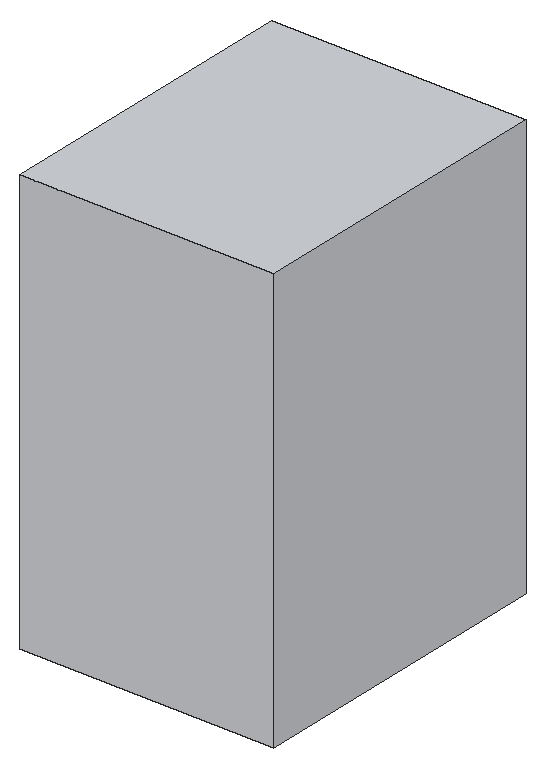
Revit family
Parameters
  d1 = 0' - 1 1/2"
  Warranty Duration (Years) = 0
  Unit Width [instance] = 0' - 0"
  Unit Height [instance] = 0' - 0"
  Unit Depth = 0' - 0"
  URL = "http://www.americanspecialties.com/viewCategories.cfm"
  Trim Material = Metal - Stainless Steel
  Test Data = ""
  Specification = "http://www.arcat.com/sdspecs/htm/10810asi.htm"
  SpecWizard = ""
  Send Message = "http://www.arcat.com/users.pl?action=UserEmail&company=American%20Specialties,%20Inc.&coid=30448&rep=139&fax=914-476-0688&mf="
  Sales Information = "http://www.americanspecialties.com/contact"
  Revision = "R1_10-2010"
  Product Properties = "http://www.americanspecialties.com/datasheets/0034.pdf"
  Product Data = "http://www.arcat.com/arcatcos/cos30/arc30448.html"
  PAPER ROLL [instance] = Paper
  Model = "As Specified in 10 28 13"
  Manufacturer Website = "http://www.americanspecialties.com/viewCategories.cfm"
  Manufacturer Phone - Toll Free = ""
  Manufacturer Phone = "914-476-9000 "
  Manufacturer Fax = "914-476-0688"
  Manufacturer Address = "441 Saw Mill River Rd., Yonkers, NY 10701"
  Manufacturer = "American Specialties, Inc."
  Maintenance Schedule (Months) = 0
  Keynote = "10 28 13"
  Installation-Fabrication = "http://www.americanspecialties.com/products.cfm"
  Green Building-LEED = ""
  Expected Lifespan (Years) = 0
  Drawn By = "Robert S. Weygant. CSI, CDT, SCIP"  # constant formula
  Description = "Toilet Accessory as Specified in 10 28 13"
  Default Elevation = 4' - 0"
  Copyright = "©Arcat Inc."
  Construction Details = "http://www.arcat.com/green/clients/leed_data_30448.html"
  Building Codes = "http://www.americanspecialties.com/products.cfm"
  Body Material = Metal - Stainless Steel
  Assembly Code = "C1030210"
Reference planes (in)
  plane 1 "Center (Front/Back)": y = -0.29112
  plane 2 "Floor Line": z = 0
  plane 3 "Center (Left/Right)": x = -0.65843
Forms (in)
  Extrusion 1, solid
    sketch origin (-3, -9, -6) x (0, 0, -1) y (1, 0, 0)
      loop
        line (-82, 26) -> (-82, -19.34712) -> (-6, -19.34712) -> (-6, 26) -> (-82, 26)
    from 15.29112 to -41.06337
  Extrusion 2, solid, material "Metal - Stainless Steel" <- "Body Material"
    sketch origin (0, -0.29112, 0) x (1, 0, 0) y (0, 0, 1)
      loop
        line (-7.03343, 0.375) -> (-1.09593, 0.375) -> (-1.09593, 2.25)
        arc (-1.09593, 2.25) -> (-1.24238, 2.60355) -> (-1.59593, 2.75) r 0.5
        line (-1.59593, 2.75) -> (-6.53343, 2.75)
        arc (-6.53343, 2.75) -> (-6.88699, 2.60355) -> (-7.03343, 2.25) r 0.5
        line (-7.03343, 2.25) -> (-7.03343, 0.375)
    from -5.96875 to 0
  Extrusion 3, void
    sketch origin (0, -0.29112, 0) x (1, 0, 0) y (0, 0, 1)
      loop
        line (-7.00218, 0.375) -> (-1.12718, 0.375) -> (-1.12718, 2.25)
        arc (-1.12718, 2.25) -> (-1.26448, 2.58146) -> (-1.59593, 2.71875) r 0.46875
        line (-1.59593, 2.71875) -> (-6.53343, 2.71875)
        arc (-6.53343, 2.71875) -> (-6.86489, 2.58146) -> (-7.00218, 2.25) r 0.46875
        line (-7.00218, 2.25) -> (-7.00218, 0.375)
    from 0 to -5.92389
  Extrusion 4, solid, material "Metal - Stainless Steel" <- "Trim Material"
    sketch origin (0, 0, 0) x (1, 0, 0) y (0, 1, 0)
      loop
        circle (-4.06468, 4.52605) r 0.5
      loop
        line (-4.10676, 4.98569) -> (-4.10676, 4.0813) -> (-4.02766, 4.0813) -> (-4.02766, 4.98569) -> (-4.10676, 4.98569)
    from 2.75 to 2.8125
  Extrusion 5, solid, material "Metal - Stainless Steel" <- "Body Material"
    sketch origin (-0.0625, -0.29112, 0) x (1, 0, 0) y (0, 0, 1)
      loop
        line (-7.03343, 0.375) -> (-6.89096, 0.375)
        arc (-6.89096, 0.375) -> (-6.96532, 0.40324) -> (-7.00218, 0.47372) r 0.11201
        line (-7.00218, 0.47372) -> (-7.00218, 1.375) -> (-7.03343, 1.375) -> (-7.03343, 0.375)
      loop
        line (-1.09593, 0.375) -> (-1.09593, 1.375) -> (-1.12718, 1.375) -> (-1.12718, 0.47372)
        arc (-1.12718, 0.47372) -> (-1.16405, 0.40324) -> (-1.2384, 0.375) r 0.11201
        line (-1.2384, 0.375) -> (-1.09593, 0.375)
    from -5.92389 to 5.96875
  Extrusion 6, solid, material "Paper" <- "PAPER ROLL"
    sketch origin (-0.65843, 0, 0) x (0, 1, 0) y (0, 0, 1)
      loop
        circle (-3.33228, -0.25) r 2.75
      loop
        circle (2.75005, -0.25) r 2.75
    from -0.59559 to -6.21691
  Extrusion 7, solid, material "Metal - Stainless Steel" <- "Body Material"
    sketch origin (-6.8125, 0, -3.625) x (1, 0, 0) y (0, 1, 0)
      loop
        line (-0.15843, 5.67763) -> (-0.15843, -6.25987) -> (5.65407, -6.25987) -> (5.65407, 5.67763) -> (-0.15843, 5.67763)
      loop
        line (-0.09593, 5.61513) -> (-0.09593, -6.19737) -> (5.59157, -6.19737) -> (5.59157, 5.61513) -> (-0.09593, 5.61513)
    from 0 to 5
  Extrusion 8, solid, material "Metal - Stainless Steel" <- "Body Material"
    sketch origin (0, 0, -1.25) x (1, 0, 0) y (0, 1, 0)
      loop
        line (-7.97093, 6.67763) -> (-7.97093, -7.25987) -> (6.65407, -7.25987) -> (6.65407, 6.67763) -> (-7.97093, 6.67763)
      loop
        line (-6.97093, 5.67763) -> (-6.97093, -6.25987) -> (-1.15843, -6.25987) -> (-1.15843, 5.67763) -> (-6.97093, 5.67763)
      loop
        line (5.65407, -6.25987) -> (5.65407, 5.67763) -> (-0.15843, 5.67763) -> (-0.15843, -6.25987) -> (5.65407, -6.25987)
    from -0.5 to -0.25
  Extrusion 9, solid, material "Metal - Stainless Steel" <- "Body Material"
    sketch origin (-6.8125, 0, -3.625) x (0, 1, 0) y (1, 0, 0)
      loop
        line (5.67763, -0.15843) -> (5.67763, 5.65407) -> (-6.25987, 5.65407) -> (-6.25987, -0.15843) -> (5.67763, -0.15843)
    from 0 to 0.0625
  Extrusion 10, solid, material "Metal - Stainless Steel" <- "Body Material"
    sketch origin (-1.31687, -0.29112, -1) x (-1, 0, 0) y (0, 0, -1)
      loop
        line (-7.03343, 0.375) -> (-1.09593, 0.375) -> (-1.09593, 2.25)
        arc (-1.09593, 2.25) -> (-1.24238, 2.60355) -> (-1.59593, 2.75) r 0.5
        line (-1.59593, 2.75) -> (-6.53343, 2.75)
        arc (-6.53343, 2.75) -> (-6.88699, 2.60355) -> (-7.03343, 2.25) r 0.5
        line (-7.03343, 2.25) -> (-7.03343, 0.375)
    from -5.96875 to 0
  Extrusion 11, solid, material "Paper" <- "PAPER ROLL"
    sketch origin (-0.65843, 0, -1) x (0, 1, 0) y (0, 0, -1)
      loop
        circle (-3.33228, -0.25) r 2.75
      loop
        circle (2.75005, -0.25) r 2.75
    from -0.59559 to -6.21691
  Extrusion 12, solid, material "Metal - Stainless Steel" <- "Body Material"
    sketch origin (5.49563, 0, 2.625) x (1, 0, 0) y (0, 1, 0)
      loop
        line (0.15843, 5.67763) -> (-5.65407, 5.67763) -> (-5.65407, -6.25987) -> (0.15843, -6.25987) -> (0.15843, 5.67763)
    from 0 to 0.0625
  Extrusion 13, solid, material "Metal - Stainless Steel" <- "Body Material"
    sketch origin (5.49563, 0, -2.3125) x (0, 1, 0) y (-1, 0, 0)
      loop
        line (5.67763, -0.15843) -> (5.67763, 5.65407) -> (-6.25987, 5.65407) -> (-6.25987, -0.15843) -> (5.67763, -0.15843)
      loop
        line (5.61513, -0.09593) -> (5.61513, 5.59157) -> (-6.19737, 5.59157) -> (-6.19737, -0.09593) -> (5.61513, -0.09593)
    from 0 to 5
  Extrusion 14, solid, material "Metal - Stainless Steel" <- "Trim Material"
    sketch origin (-1.31687, 0, -6.5625) x (-1, 0, 0) y (0, -1, 0)
      loop
        circle (-4.06468, -4.52605) r 0.5
      loop
        line (-4.10676, -4.98569) -> (-4.02766, -4.98569) -> (-4.02766, -4.0813) -> (-4.10676, -4.0813) -> (-4.10676, -4.98569)
    from 2.75 to 2.8125
  Extrusion 15, void
    sketch origin (-1.31687, -0.29112, -1) x (-1, 0, 0) y (0, 0, -1)
      loop
        line (-7.00218, 0.375) -> (-1.12718, 0.375) -> (-1.12718, 2.25)
        arc (-1.12718, 2.25) -> (-1.26448, 2.58146) -> (-1.59593, 2.71875) r 0.46875
        line (-1.59593, 2.71875) -> (-6.53343, 2.71875)
        arc (-6.53343, 2.71875) -> (-6.86489, 2.58146) -> (-7.00218, 2.25) r 0.46875
        line (-7.00218, 2.25) -> (-7.00218, 0.375)
    from 0 to -5.92389
  Extrusion 16, solid, material "Metal - Stainless Steel" <- "Body Material"
    sketch origin (0, 0, 0) x (1, 0, 0) y (0, 1, 0)
      loop
        line (-7.97093, 6.67763) -> (-7.97093, -7.25987) -> (6.65407, -7.25987) -> (6.65407, 6.67763) -> (-7.97093, 6.67763)
      loop
        line (-6.97093, 5.67763) -> (-6.97093, -6.25987) -> (-1.15843, -6.25987) -> (-1.15843, 5.67763) -> (-6.97093, 5.67763)
      loop
        line (5.65407, -6.25987) -> (5.65407, 5.67763) -> (-0.15843, 5.67763) -> (-0.15843, -6.25987) -> (5.65407, -6.25987)
    from 0 to 0.25
Cuts and joins
  Extrusion 3 cuts Extrusion 2
  Extrusion 15 cuts Extrusion 12
  Extrusion 15 cuts Extrusion 13
  joined: Extrusion 12, Extrusion 13
  Extrusion 15 cuts Extrusion 10
  joined: Extrusion 7, Extrusion 9
Dimensions and locks (in)
  locked: Extrusion 8 to Extrusion 8 at 0.25
  locked: Extrusion 16 to Extrusion 16 at 0.25
  "d1": Extrusion 16 to Extrusion 8
  aligned and locked: Extrusion 1 to level
  aligned and locked: Extrusion 16 to plane 2 "Floor Line"
Automatic sketch dimensions
  Extrusion 1 sketch curve to Extrusion 1 sketch curve = 6' - 4"
  Extrusion 1 sketch curve to Extrusion 1 sketch curve = 3' - 9.34712"
  level to Extrusion 2 sketch curve = 0' - 0 3/8"
  Extrusion 2 sketch curve to plane 3 "Center (Left/Right)" = 0' - 6 3/8"
  Extrusion 2 sketch curve to Extrusion 2 sketch curve = 0' - 0 1/2"
  Extrusion 2 sketch curve to plane 3 "Center (Left/Right)" = 0' - 0 15/16"
  Extrusion 2 sketch curve to plane 3 "Center (Left/Right)" = 0' - 0 7/16"
  Extrusion 2 sketch curve to Extrusion 2 sketch curve = 0' - 1 7/8"
  level to Extrusion 3 sketch curve = 0' - 0 3/8"
  Extrusion 3 sketch curve to plane 3 "Center (Left/Right)" = 0' - 6 11/32"
  Extrusion 3 sketch curve to Extrusion 3 sketch curve = 0' - 0 15/32"
  Extrusion 3 sketch curve to plane 3 "Center (Left/Right)" = 0' - 0 15/16"
  Extrusion 3 sketch curve to plane 3 "Center (Left/Right)" = 0' - 0 15/32"
  Extrusion 3 sketch curve to Extrusion 3 sketch curve = 0' - 1 7/8"
  Extrusion 4 sketch curve to plane 3 "Center (Left/Right)" = 0' - 3.44833"
  Extrusion 4 sketch curve to Extrusion 4 sketch curve = 0' - 0.04208"
  Extrusion 4 sketch curve to Extrusion 4 sketch curve = 0' - 0.0791"
  Extrusion 4 sketch curve to plane 1 "Center (Front/Back)" = 0' - 4.37242"
  Extrusion 4 sketch curve to Extrusion 4 sketch curve = 0' - 0.44475"
  Extrusion 4 sketch curve to Extrusion 4 sketch curve = 0' - 0.45963"
  level to Extrusion 5 sketch curve = 0' - 1 3/8"
  Extrusion 5 sketch curve to plane 3 "Center (Left/Right)" = 0' - 6 7/16"
  Extrusion 5 sketch curve to Extrusion 5 sketch curve = 0' - 0 1/32"  (x2)
  Extrusion 5 sketch curve to Extrusion 5 sketch curve = 0' - 0.14247"
  level to Extrusion 5 sketch curve = 0' - 0 3/8"  (x2)
  Extrusion 5 sketch curve to plane 3 "Center (Left/Right)" = 0' - 0.64247"
  Extrusion 5 sketch curve to Extrusion 5 sketch curve = 0' - 0.11122"
  Extrusion 5 sketch curve to Extrusion 5 sketch curve = 0' - 0.09872"  (x2)
  Extrusion 5 sketch curve to Extrusion 5 sketch curve = 0' - 0.88799"
  Extrusion 6 sketch curve to level = 0' - 0 1/4"  (x2)
  plane 1 "Center (Front/Back)" to Extrusion 6 sketch curve = 0' - 3.04116"
  Extrusion 6 sketch curve to plane 1 "Center (Front/Back)" = 0' - 3.04116"
  Extrusion 7 sketch curve to plane 3 "Center (Left/Right)" = 0' - 6 5/16"
  Extrusion 7 sketch curve to Extrusion 7 sketch curve = 0' - 0 1/16"  (x4)
  Extrusion 7 sketch curve to plane 3 "Center (Left/Right)" = 0' - 0 9/16"
  plane 1 "Center (Front/Back)" to Extrusion 7 sketch curve = 0' - 5 31/32"
  Extrusion 7 sketch curve to plane 1 "Center (Front/Back)" = 0' - 5 29/32"
  Extrusion 8 sketch curve to plane 3 "Center (Left/Right)" = 0' - 7 5/16"
  Extrusion 8 sketch curve to Extrusion 8 sketch curve = 0' - 1"  (x3)
  Extrusion 8 sketch curve to plane 3 "Center (Left/Right)" = 0' - 0 1/2"
  plane 3 "Center (Left/Right)" to Extrusion 8 sketch curve = 0' - 0 1/2"
  Extrusion 8 sketch curve to Extrusion 8 sketch curve = 0' - 5 13/16"
  plane 1 "Center (Front/Back)" to Extrusion 8 sketch curve = 0' - 6 31/32"
  plane 1 "Center (Front/Back)" to Extrusion 8 sketch curve = 0' - 5 31/32"
  Extrusion 8 sketch curve to Extrusion 8 sketch curve = 0' - 0"
  Extrusion 8 sketch curve to plane 1 "Center (Front/Back)" = 0' - 5 31/32"  (x2)
  Extrusion 9 sketch curve to Extrusion 7 = 0' - 0"  (x4)
  Extrusion 10 sketch curve to level = 0' - 1 3/8"
  plane 3 "Center (Left/Right)" to Extrusion 10 sketch curve = 0' - 6 3/8"
  Extrusion 10 sketch curve to Extrusion 10 sketch curve = 0' - 0 1/2"
  plane 3 "Center (Left/Right)" to Extrusion 10 sketch curve = 0' - 0 15/16"
  plane 3 "Center (Left/Right)" to Extrusion 10 sketch curve = 0' - 0 7/16"
  Extrusion 10 sketch curve to Extrusion 10 sketch curve = 0' - 1 7/8"
  Extrusion 11 sketch curve to level = 0' - 0 3/4"  (x2)
  plane 1 "Center (Front/Back)" to Extrusion 11 sketch curve = 0' - 3.04116"
  Extrusion 11 sketch curve to plane 1 "Center (Front/Back)" = 0' - 3.04116"
  plane 3 "Center (Left/Right)" to Extrusion 12 sketch curve = 0' - 0 1/2"
  Extrusion 12 sketch curve to Extrusion 12 sketch curve = 0' - 5 13/16"
  plane 1 "Center (Front/Back)" to Extrusion 12 sketch curve = 0' - 5 31/32"
  Extrusion 12 sketch curve to plane 1 "Center (Front/Back)" = 0' - 5 31/32"
  plane 3 "Center (Left/Right)" to Extrusion 13 sketch curve = 0' - 0 1/2"
  plane 1 "Center (Front/Back)" to Extrusion 13 sketch curve = 0' - 5 31/32"
  Extrusion 13 sketch curve to Extrusion 13 sketch curve = 0' - 0 1/16"  (x3)
  plane 3 "Center (Left/Right)" to Extrusion 13 sketch curve = 0' - 0 9/16"
  Extrusion 13 sketch curve to plane 1 "Center (Front/Back)" = 0' - 5 29/32"
  Extrusion 13 sketch curve to Extrusion 13 sketch curve = 0' - 5 11/16"
  Extrusion 14 sketch curve to plane 3 "Center (Left/Right)" = 0' - 3.44833"
  Extrusion 14 sketch curve to Extrusion 14 sketch curve = 0' - 0.04208"
  Extrusion 14 sketch curve to Extrusion 14 sketch curve = 0' - 0.0791"
  plane 1 "Center (Front/Back)" to Extrusion 14 sketch curve = 0' - 4.37242"
  Extrusion 14 sketch curve to Extrusion 14 sketch curve = 0' - 0.44475"
  Extrusion 14 sketch curve to Extrusion 14 sketch curve = 0' - 0.45963"
  Extrusion 15 sketch curve to level = 0' - 1 3/8"
  plane 3 "Center (Left/Right)" to Extrusion 15 sketch curve = 0' - 6 11/32"
  Extrusion 15 sketch curve to Extrusion 15 sketch curve = 0' - 0 15/32"
  plane 3 "Center (Left/Right)" to Extrusion 15 sketch curve = 0' - 0 15/16"
  plane 3 "Center (Left/Right)" to Extrusion 15 sketch curve = 0' - 0 15/32"
  Extrusion 15 sketch curve to Extrusion 15 sketch curve = 0' - 1 7/8"
  Extrusion 16 sketch curve to plane 3 "Center (Left/Right)" = 0' - 7 5/16"
  Extrusion 16 sketch curve to Extrusion 16 sketch curve = 0' - 1"  (x3)
  Extrusion 16 sketch curve to plane 3 "Center (Left/Right)" = 0' - 0 1/2"
  plane 3 "Center (Left/Right)" to Extrusion 16 sketch curve = 0' - 0 1/2"
  Extrusion 16 sketch curve to Extrusion 16 sketch curve = 0' - 5 13/16"
  plane 1 "Center (Front/Back)" to Extrusion 16 sketch curve = 0' - 6 31/32"
  plane 1 "Center (Front/Back)" to Extrusion 16 sketch curve = 0' - 5 31/32"
  Extrusion 16 sketch curve to Extrusion 16 sketch curve = 0' - 0"
  Extrusion 16 sketch curve to plane 1 "Center (Front/Back)" = 0' - 5 31/32"  (x2)
  radius of Extrusion 4 sketch curve = 0' - 0 1/2"
  radius of Extrusion 6 sketch curve = 0' - 2 3/4"  (x2)
  radius of Extrusion 11 sketch curve = 0' - 2 3/4"  (x2)
  radius of Extrusion 14 sketch curve = 0' - 0 1/2"
